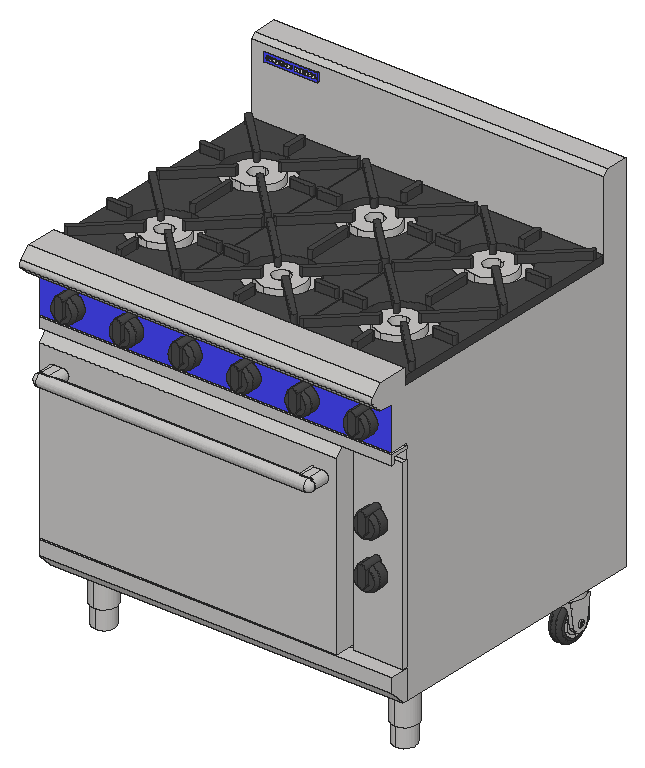
Revit family "QF_MOFFAT_BLUESEAL_CE_GE506D", category Specialty Equipment, Revit 2012 (continued)
Lines and regions (mm)
  symbolic lines
    curve 67: arc (450, -259.5, 150) -> (428, -237.5, 150) -> (450, -215.5, 150) r 22
    curve 68: arc (450, -215.5, 150) -> (472, -237.5, 150) -> (450, -259.5, 150) r 22
    curve 69: line (449.988, -331.778, 0) -> (449.988, -448.358, 0)
    curve 70: line (450.034, -681.268, 0) -> (450.034, -628.558, 0)
    curve 71: line (309.26, -537.634, 0) -> (359.26, -537.634, 0)
    curve 72: line (478.593, -512.407, 0) -> (591.73, -399.27, 0)
    curve 73: line (591.767, -537.634, 0) -> (540.041, -537.634, 0)
    curve 74: line (421.407, -512.407, 0) -> (308.27, -399.27, 0)
    curve 75: line (478.593, -562.593, 0) -> (591.73, -675.73, 0)
    curve 76: line (421.407, -562.593, 0) -> (308.27, -675.73, 0)
    curve 77: line (450.034, -96.281, 0) -> (450.034, -149.16, 0)
    curve 78: line (478.593, -269.593, 0) -> (591.73, -382.73, 0)
    curve 79: line (421.407, -269.593, 0) -> (308.27, -382.73, 0)
    curve 80: line (309.26, -241, 0) -> (359.26, -241, 0)
    curve 81: line (591.767, -241, 0) -> (540.041, -241, 0)
    curve 82: line (478.593, -205.407, 0) -> (591.73, -92.27, 0)
    curve 83: line (421.407, -205.407, 0) -> (308.27, -92.27, 0)
    curve 84: line (752.512, -331.778, 0) -> (752.512, -448.358, 0)
    curve 85: line (752.466, -681.268, 0) -> (752.466, -628.558, 0)
    curve 86: line (893.24, -537.634, 0) -> (843.24, -537.634, 0)
    curve 87: line (723.907, -512.407, 0) -> (610.77, -399.27, 0)
    curve 88: line (610.733, -537.634, 0) -> (662.459, -537.634, 0)
    curve 89: line (781.093, -512.407, 0) -> (894.23, -399.27, 0)
    curve 90: line (723.907, -562.593, 0) -> (610.77, -675.73, 0)
    curve 91: line (781.093, -562.593, 0) -> (894.23, -675.73, 0)
    curve 92: line (752.466, -96.281, 0) -> (752.466, -149.16, 0)
    curve 93: line (723.907, -269.593, 0) -> (610.77, -382.73, 0)
    curve 94: line (781.093, -269.593, 0) -> (894.23, -382.73, 0)
    curve 95: line (893.24, -241, 0) -> (843.24, -241, 0)
    curve 96: line (610.733, -241, 0) -> (662.459, -241, 0)
    curve 97: line (723.907, -205.407, 0) -> (610.77, -92.27, 0)
    curve 98: line (781.093, -205.407, 0) -> (894.23, -92.27, 0)
    curve 99: line (32.794, -18.385, 0) -> (260.753, -18.385, 0)
    curve 100: arc (260.753, -18.385, 0) -> (265.753, -19.725, 0) -> (269.413, -23.385, 0) r 10
    curve 101: line (269.413, -23.385, 0) -> (273.455, -30.385, 0)
    curve 102: arc (273.455, -30.385, 0) -> (273.455, -40.385, 0) -> (264.794, -45.385, 0) r 10
    curve 103: line (264.794, -45.385, 0) -> (36.836, -45.385, 0)
    curve 104: arc (36.836, -45.385, 0) -> (31.836, -44.045, 0) -> (28.176, -40.385, 0) r 10
    curve 105: line (28.176, -40.385, 0) -> (24.134, -33.385, 0)
    curve 106: arc (24.134, -33.385, 0) -> (24.134, -23.385, 0) -> (32.794, -18.385, 0) r 10
    curve 107: line (560.753, -18.385, 0) -> (332.794, -18.385, 0)
    curve 108: arc (332.794, -18.385, 0) -> (324.134, -23.385, 0) -> (324.134, -33.385, 0) r 10
    curve 109: line (324.134, -33.385, 0) -> (328.176, -40.385, 0)
    curve 110: arc (328.176, -40.385, 0) -> (331.836, -44.045, 0) -> (336.836, -45.385, 0) r 10
    curve 111: line (336.836, -45.385, 0) -> (564.794, -45.385, 0)
    curve 112: arc (564.794, -45.385, 0) -> (573.455, -40.385, 0) -> (573.455, -30.385, 0) r 10
    curve 113: line (573.455, -30.385, 0) -> (569.413, -23.385, 0)
    curve 114: arc (569.413, -23.385, 0) -> (565.753, -19.725, 0) -> (560.753, -18.385, 0) r 10
    curve 115: line (632.794, -18.385, 0) -> (860.753, -18.385, 0)
    curve 116: arc (860.753, -18.385, 0) -> (865.753, -19.725, 0) -> (869.413, -23.385, 0) r 10
    curve 117: line (869.413, -23.385, 0) -> (873.455, -30.385, 0)
    curve 118: arc (873.455, -30.385, 0) -> (873.455, -40.385, 0) -> (864.794, -45.385, 0) r 10
    curve 119: line (864.794, -45.385, 0) -> (636.836, -45.385, 0)
    curve 120: arc (636.836, -45.385, 0) -> (631.836, -44.045, 0) -> (628.176, -40.385, 0) r 10
    curve 121: line (628.176, -40.385, 0) -> (624.134, -33.385, 0)
    curve 122: arc (624.134, -33.385, 0) -> (624.134, -23.385, 0) -> (632.794, -18.385, 0) r 10
    curve 123: line (0, -783.97, 0) -> (900, -783.97, 0)
    curve 124: line (0, -57.5, 0) -> (900, -57.5, 0)
  symbolic lines, style "QF_Door-Drawer Clearances", visible <- "Show Clearance"
    curve 12: line (0, -1218.847, 0) -> (0, -812, 0)
    curve 13: line (0, -1218.847, 0) -> (760, -1218.847, 0)
    curve 14: line (760, -1218.847, 0) -> (760, -812, 0)
Dimensions and locks
  equal spacing: plane 3 "LEFT", plane 7 "Center Y", plane 4 "RIGHT"
  "Width": plane 3 "LEFT" to plane 4 "RIGHT"
  equal spacing: plane 5 "FRONT", plane 8 "Center X", plane 1 "BACK"
  plane 5 "FRONT" to plane 1 "BACK" = 812 mm  (x2)
  equal spacing: plane 4 "RIGHT", plane 7 "Center Y", plane 3 "LEFT"
  plane 4 "RIGHT" to plane 3 "LEFT" = 900 mm
  "Height": plane 6 "TOP" to level
  plane 10 to plane 1 "BACK" = 574.272 mm
  plane 12 to plane 1 "BACK" = 304.972 mm  (x2)
  plane 11 to plane 3 "LEFT" = 60 mm
  plane 14 to plane 3 "LEFT" = 74 mm
  plane 9 to plane 3 "LEFT" = 280 mm
  "Depth": plane 1 "BACK" to plane 15
  plane 15 to plane 5 "FRONT" = 0 mm
  plane 6 "TOP" to plane 2 = 970 mm
  plane 2 to Extrusion 1 sketch curve = 875 mm
  locked: plane 2 to Extrusion 1 sketch curve at 915
  Revolve 30 sketch curve to Revolve 30 sketch curve = 50.8 mm
  Revolve 34 sketch curve to Revolve 34 sketch curve = 50.8 mm
  plane 20 to level = 1085 mm
  Extrusion 35 sketch curve to plane 22 = 64.8 mm
  plane 23 to Extrusion 38 sketch curve = 67.217 mm
  plane 24 to Extrusion 39 sketch curve = 65.8 mm
  Extrusion 40 sketch curve to plane 1 "BACK" = 501 mm
  Extrusion 40 sketch curve to plane 4 "RIGHT" = 74 mm
  aligned and locked: level to plane 2
  aligned and locked: curve 3 to plane 4 "RIGHT"
Automatic sketch dimensions
  plane 1 "BACK" to curve 1 = 0 mm
  curve 1 to plane 3 "LEFT" = 0 mm
  plane 5 "FRONT" to curve 9 = 0 mm
  plane 21 to curve 6 = 0 mm
  plane 3 "LEFT" to curve 29 = 8.27 mm
  plane 3 "LEFT" to curve 31 = 8.27 mm
  plane 3 "LEFT" to curve 44 = 8.27 mm
  plane 3 "LEFT" to curve 34 = 8.27 mm
  plane 3 "LEFT" to curve 20 = 9.26 mm
  plane 3 "LEFT" to curve 35 = 9.26 mm
  plane 3 "LEFT" to curve 9 = 22.65 mm
  curve 106 to plane 17 = 1.385 mm
  plane 3 "LEFT" to curve 106 = 24.134 mm
  curve 105 to plane 17 = 8.385 mm
  curve 105 to curve 105 = 4.041 mm
  plane 17 to curve 106 = 13.615 mm
  curve 106 to curve 106 = 8.66 mm
  curve 105 to curve 103 = 8.66 mm
  curve 10 to plane 11 = 11.111 mm
  curve 9 to plane 11 = 9.192 mm
  curve 20 to plane 11 = 0.74 mm
  curve 35 to plane 11 = 0.74 mm
  plane 14 to curve 44 = 47.407 mm
  plane 10 to curve 31 = 11.679 mm
  plane 14 to curve 31 = 47.407 mm
  plane 14 to curve 29 = 47.407 mm
  plane 14 to curve 34 = 47.407 mm
  curve 18 to plane 12 = 26.806 mm
  curve 34 to curve 18 = 28.581 mm
  curve 44 to curve 32 = 28.628 mm
  curve 31 to curve 19 = 28.628 mm
  curve 44 to curve 43 = 57.187 mm
  plane 10 to curve 30 = 11.679 mm
  curve 31 to curve 30 = 57.187 mm
  plane 12 to curve 33 = 35.379 mm
  curve 34 to curve 33 = 57.187 mm
  curve 21 to curve 30 = 0 mm
  curve 22 to plane 9 = 39.959 mm
  curve 36 to plane 9 = 39.959 mm
  curve 100 to plane 9 = 19.247 mm
  curve 102 to plane 9 = 15.206 mm
  plane 17 to curve 101 = 8.615 mm
  curve 100 to curve 101 = 8.66 mm
  plane 17 to curve 101 = 1.615 mm
  curve 101 to plane 9 = 6.545 mm
  plane 9 to curve 43 = 11.73 mm
  plane 9 to curve 33 = 11.73 mm
  plane 9 to curve 21 = 11.73 mm
  plane 9 to curve 30 = 11.73 mm
  plane 9 to curve 22 = 11.767 mm
  plane 9 to curve 36 = 11.767 mm
  plane 9 to curve 15 = 20 mm
  plane 19 to curve 83 = 7.73 mm
  curve 43 to curve 83 = 16.539 mm
  curve 33 to curve 79 = 16.539 mm
  curve 30 to curve 76 = 16.539 mm
  plane 8 "Center X" to curve 74 = 6.73 mm
  curve 21 to curve 74 = 16.539 mm
  curve 36 to curve 80 = 17.493 mm
  curve 22 to curve 71 = 17.493 mm
  curve 109 to plane 17 = 1.385 mm
  plane 9 to curve 109 = 44.134 mm
  curve 109 to curve 110 = 4.041 mm
  curve 108 to curve 107 = 8.66 mm
  curve 109 to curve 111 = 8.66 mm
  curve 71 to curve 71 = 50 mm
  curve 80 to curve 80 = 50 mm
  curve 74 to plane 7 "Center Y" = 28.593 mm
  plane 10 to curve 76 = 11.679 mm
  curve 76 to plane 7 "Center Y" = 28.593 mm
  curve 83 to plane 7 "Center Y" = 28.593 mm
  curve 79 to plane 7 "Center Y" = 28.593 mm
  curve 69 to plane 7 "Center Y" = 0.012 mm
  plane 7 "Center Y" to curve 70 = 0.034 mm
  plane 7 "Center Y" to curve 77 = 0.034 mm
  plane 7 "Center Y" to curve 72 = 28.593 mm
  plane 7 "Center Y" to curve 82 = 28.593 mm
  plane 10 to curve 75 = 11.679 mm
  plane 7 "Center Y" to curve 75 = 28.593 mm
  plane 7 "Center Y" to curve 78 = 28.593 mm
  curve 78 to curve 81 = 61.447 mm
  curve 75 to curve 73 = 61.447 mm
  plane 17 to curve 114 = 3.615 mm
  plane 7 "Center Y" to curve 114 = 110.753 mm
  curve 112 to plane 17 = 3.385 mm
  curve 114 to curve 112 = 4.041 mm
  plane 17 to curve 113 = 8.615 mm
  curve 107 to curve 113 = 8.66 mm
  plane 17 to curve 113 = 1.615 mm
  curve 113 to curve 113 = 4.041 mm
  plane 19 to curve 82 = 7.73 mm
  curve 112 to curve 82 = 26.936 mm
  plane 8 "Center X" to curve 72 = 6.73 mm
  plane 7 "Center Y" to curve 72 = 141.73 mm
  curve 75 to plane 21 = 29.27 mm
  plane 7 "Center Y" to curve 75 = 141.73 mm
  curve 78 to plane 13 = 17.758 mm
  curve 78 to curve 72 = 0 mm
  curve 81 to curve 81 = 51.727 mm
  curve 73 to curve 73 = 51.727 mm
  curve 82 to curve 16 = 9.686 mm
  curve 73 to curve 88 = 18.965 mm
  curve 81 to curve 96 = 18.965 mm
  plane 8 "Center X" to curve 87 = 6.73 mm
  curve 72 to curve 87 = 19.039 mm
  curve 90 to plane 21 = 29.27 mm
  curve 75 to curve 90 = 19.039 mm
  plane 19 to curve 97 = 7.73 mm
  curve 82 to curve 97 = 19.039 mm
  curve 93 to plane 13 = 17.758 mm
  curve 93 to curve 87 = 0 mm
  curve 121 to plane 17 = 1.385 mm
  curve 16 to curve 121 = 22.717 mm
  curve 121 to curve 120 = 4.041 mm
  plane 17 to curve 122 = 13.615 mm
  curve 122 to curve 122 = 8.66 mm
  curve 120 to curve 120 = 8.66 mm
  curve 96 to curve 96 = 51.727 mm
  curve 88 to curve 88 = 51.727 mm
  plane 5 "FRONT" to curve 11 = 14.544 mm
  curve 11 to plane 16 = 112.642 mm
  curve 88 to curve 87 = 61.447 mm
  plane 12 to curve 93 = 35.379 mm
  curve 96 to curve 93 = 61.447 mm
  curve 97 to curve 93 = 0 mm
  plane 10 to curve 90 = 11.679 mm
  curve 90 to curve 87 = 0 mm
  curve 11 to curve 11 = 25.191 mm
  plane 19 to curve 92 = 3.719 mm
  curve 92 to plane 16 = 82.034 mm
  curve 85 to plane 21 = 23.732 mm
  curve 85 to plane 16 = 82.034 mm
  curve 84 to plane 12 = 26.806 mm
  curve 93 to curve 84 = 28.605 mm
  curve 14 to plane 16 = 74.5 mm
  plane 10 to curve 91 = 11.679 mm
  curve 91 to plane 16 = 53.407 mm
  curve 94 to plane 16 = 53.407 mm
  curve 98 to plane 16 = 53.407 mm
  curve 89 to curve 91 = 0 mm
  plane 16 to curve 86 = 8.74 mm
  plane 16 to curve 95 = 8.74 mm
  plane 16 to curve 116 = 26.253 mm
  curve 118 to plane 17 = 3.385 mm
  curve 116 to curve 118 = 4.041 mm
  plane 17 to curve 116 = 8.615 mm
  curve 116 to curve 116 = 8.66 mm
  plane 17 to curve 117 = 1.615 mm
  curve 116 to curve 117 = 4.041 mm
  plane 4 "RIGHT" to curve 95 = 6.76 mm
  plane 4 "RIGHT" to curve 86 = 6.76 mm
  plane 4 "RIGHT" to curve 89 = 5.77 mm
  plane 4 "RIGHT" to curve 94 = 5.77 mm
  plane 4 "RIGHT" to curve 98 = 5.77 mm
  plane 4 "RIGHT" to curve 91 = 5.77 mm
  curve 13 to curve 10 = 392.303 mm
  curve 123 to plane 5 "FRONT" = 28.03 mm
  curve 15 to plane 21 = 3.3 mm
  curve 70 to plane 21 = 23.732 mm
  curve 19 to plane 21 = 23.732 mm
  curve 15 to curve 30 = 25.97 mm
  curve 7 to curve 31 = 25.97 mm
  curve 30 to curve 76 = 0 mm
  curve 7 to curve 91 = 25.97 mm
  curve 70 to curve 70 = 52.71 mm
  curve 19 to curve 19 = 52.71 mm
  curve 85 to curve 85 = 52.71 mm
  plane 10 to curve 22 = 36.638 mm
  curve 22 to curve 71 = 0 mm
  plane 10 to curve 86 = 36.638 mm
  plane 10 to curve 20 = 36.638 mm
  plane 10 to curve 88 = 36.638 mm
  curve 73 to curve 88 = 0 mm
  curve 75 to curve 72 = 50.187 mm
  curve 30 to curve 21 = 50.187 mm
  curve 31 to curve 29 = 50.187 mm
  curve 90 to curve 87 = 50.187 mm
  curve 76 to curve 74 = 50.187 mm
  curve 91 to curve 89 = 50.187 mm
  curve 18 to plane 8 "Center X" = 42.358 mm
  curve 84 to plane 8 "Center X" = 42.358 mm
  curve 69 to plane 8 "Center X" = 42.358 mm
  plane 8 "Center X" to curve 21 = 6.73 mm
  plane 8 "Center X" to curve 29 = 6.73 mm
  plane 8 "Center X" to curve 89 = 6.73 mm
  curve 29 to curve 17 = 8.27 mm
  curve 21 to curve 33 = 16.539 mm
  curve 33 to curve 79 = 0 mm
  curve 17 to curve 94 = 8.27 mm
  curve 17 to curve 34 = 8.27 mm
  curve 69 to plane 12 = 26.806 mm
  plane 12 to curve 78 = 35.379 mm
  plane 12 to curve 34 = 35.379 mm
  plane 12 to curve 79 = 35.379 mm
  plane 12 to curve 94 = 35.379 mm
  plane 12 to curve 80 = 63.972 mm
  plane 12 to curve 81 = 63.972 mm
  curve 81 to curve 96 = 0 mm
  plane 12 to curve 95 = 63.972 mm
  plane 12 to curve 35 = 63.972 mm
  curve 36 to curve 80 = 0 mm
  curve 79 to curve 83 = 64.187 mm
  curve 94 to curve 98 = 64.187 mm
  curve 83 to curve 82 = 0 mm
  curve 97 to curve 98 = 0 mm
  curve 33 to curve 43 = 64.187 mm
  curve 44 to curve 43 = 0 mm
  curve 92 to plane 19 = 49.16 mm
  curve 32 to plane 19 = 49.16 mm
  curve 77 to plane 19 = 49.16 mm
  plane 19 to curve 32 = 3.719 mm
  plane 19 to curve 77 = 3.719 mm
  plane 19 to curve 44 = 7.73 mm
  plane 19 to curve 43 = 7.73 mm
  plane 19 to curve 98 = 7.73 mm
  curve 97 to curve 16 = 19.536 mm
  curve 8 to curve 4 = 2.734 mm
  curve 4 to curve 124 = 12.5 mm
  curve 104 to curve 105 = 5 mm
  curve 120 to curve 121 = 7 mm
  curve 109 to curve 109 = 7 mm
  Extrusion 1 sketch curve to plane 21 = 0 mm
  Extrusion 1 sketch curve to plane 20 = 0 mm
  Extrusion 1 sketch curve to plane 1 "BACK" = 0 mm
  plane 21 to Extrusion 1 sketch curve = 44 mm
  Extrusion 1 sketch curve to plane 5 "FRONT" = 28.03 mm
  Extrusion 1 sketch curve to plane 5 "FRONT" = 27.03 mm
  Extrusion 1 sketch curve to plane 5 "FRONT" = 12.018 mm
  Extrusion 1 sketch curve to plane 5 "FRONT" = 3.524 mm  (x2)
  Extrusion 1 sketch curve to plane 21 = 6 mm
  Extrusion 1 sketch curve to plane 20 = 12.5 mm
  plane 19 to Extrusion 1 sketch curve = 30 mm
  Extrusion 1 sketch curve to Extrusion 1 sketch curve = 12.5 mm
  Extrusion 1 sketch curve to Extrusion 1 sketch curve = 41.494 mm
  Extrusion 1 sketch curve to Extrusion 1 sketch curve = 25 mm
  plane 18 to Extrusion 1 sketch curve = 85 mm
  level to Extrusion 1 sketch curve = 150 mm
  Extrusion 1 sketch curve to Extrusion 1 sketch curve = 8.494 mm
  plane 21 to Extrusion 2 sketch curve = 44 mm
  plane 21 to Extrusion 2 sketch curve = 20 mm
  Extrusion 2 sketch curve to plane 21 = 6 mm
  level to Extrusion 2 sketch curve = 227.5 mm
  plane 18 to Extrusion 2 sketch curve = 21 mm
  plane 18 to Extrusion 2 sketch curve = 45 mm
  plane 21 to Extrusion 3 sketch curve = 9 mm
  Extrusion 3 sketch curve to plane 21 = 6 mm
  level to Extrusion 3 sketch curve = 227.5 mm
  plane 18 to Extrusion 3 sketch curve = 45 mm
  Revolve 4 sketch curve to level = 0 mm
  Revolve 4 sketch curve to plane 21 = 48.25 mm
  Revolve 4 sketch curve to Revolve 4 sketch curve = 4.25 mm
  Revolve 4 sketch curve to Revolve 4 sketch curve = 27.5 mm  (x2)
  level to Revolve 4 sketch curve = 50 mm
  Revolve 4 sketch curve to Revolve 4 sketch curve = 0 mm
  Revolve 4 sketch curve to Revolve 4 sketch curve = 100 mm
  Revolve 4 sketch curve to Revolve 4 sketch curve = 55 mm
  Revolve 5 sketch curve to level = 0 mm
  Revolve 5 sketch curve to plane 21 = 48.25 mm
  Revolve 5 sketch curve to Revolve 5 sketch curve = 4.25 mm
  Revolve 5 sketch curve to Revolve 5 sketch curve = 27.5 mm  (x2)
  Revolve 5 sketch curve to level = 55 mm
  Revolve 5 sketch curve to Revolve 5 sketch curve = 50 mm
  Revolve 5 sketch curve to Revolve 5 sketch curve = 0 mm
  Revolve 5 sketch curve to Revolve 5 sketch curve = 100 mm
  Extrusion 6 sketch curve to plane 17 = 0 mm
  Extrusion 6 sketch curve to plane 16 = 64.5 mm
  Revolve 7 sketch curve to plane 5 "FRONT" = 19 mm
  Revolve 7 sketch curve to Revolve 7 sketch curve = 0 mm  (x2)
  Revolve 7 sketch curve to Revolve 7 sketch curve = 11 mm
  Revolve 7 sketch curve to Revolve 7 sketch curve = 12.7 mm
  Revolve 7 sketch curve to Revolve 7 sketch curve = 23 mm
  Revolve 7 sketch curve to Revolve 7 sketch curve = 10 mm
  plane 18 to Revolve 7 sketch curve = 141.882 mm
  Revolve 7 sketch curve to Revolve 7 sketch curve = 5 mm
  Revolve 7 sketch curve to Revolve 7 sketch curve = 26.651 mm
  Revolve 7 sketch curve to Revolve 7 sketch curve = 5.849 mm
  Revolve 8 sketch curve to plane 5 "FRONT" = 19 mm
  Revolve 8 sketch curve to Revolve 8 sketch curve = 0 mm  (x2)
  Revolve 8 sketch curve to Revolve 8 sketch curve = 11 mm
  Revolve 8 sketch curve to Revolve 8 sketch curve = 12.7 mm
  Revolve 8 sketch curve to Revolve 8 sketch curve = 23 mm
  Revolve 8 sketch curve to Revolve 8 sketch curve = 10 mm
  plane 18 to Revolve 8 sketch curve = 141.882 mm
  Revolve 8 sketch curve to Revolve 8 sketch curve = 5 mm
  Revolve 8 sketch curve to Revolve 8 sketch curve = 26.651 mm
  Revolve 8 sketch curve to Revolve 8 sketch curve = 5.849 mm
  Revolve 9 sketch curve to plane 5 "FRONT" = 19 mm
  Revolve 9 sketch curve to Revolve 9 sketch curve = 0 mm  (x2)
  Revolve 9 sketch curve to Revolve 9 sketch curve = 11 mm
  Revolve 9 sketch curve to Revolve 9 sketch curve = 12.7 mm
  Revolve 9 sketch curve to Revolve 9 sketch curve = 23 mm
  Revolve 9 sketch curve to Revolve 9 sketch curve = 10 mm
  Revolve 9 sketch curve to plane 6 "TOP" = 140.618 mm
  Revolve 9 sketch curve to Revolve 9 sketch curve = 5.849 mm
  Revolve 9 sketch curve to Revolve 9 sketch curve = 27.5 mm
  Revolve 9 sketch curve to Revolve 9 sketch curve = 5 mm
  Revolve 10 sketch curve to plane 5 "FRONT" = 19 mm
  Revolve 10 sketch curve to Revolve 10 sketch curve = 0 mm  (x2)
  Revolve 10 sketch curve to Revolve 10 sketch curve = 11 mm
  Revolve 10 sketch curve to Revolve 10 sketch curve = 12.7 mm
  Revolve 10 sketch curve to Revolve 10 sketch curve = 23 mm
  Revolve 10 sketch curve to Revolve 10 sketch curve = 10 mm
  Revolve 10 sketch curve to plane 6 "TOP" = 140.618 mm
  Revolve 10 sketch curve to Revolve 10 sketch curve = 5.849 mm
  Revolve 10 sketch curve to Revolve 10 sketch curve = 27.5 mm
  Revolve 10 sketch curve to Revolve 10 sketch curve = 5 mm
  Revolve 11 sketch curve to plane 5 "FRONT" = 19 mm
  Revolve 11 sketch curve to Revolve 11 sketch curve = 0 mm  (x2)
  Revolve 11 sketch curve to Revolve 11 sketch curve = 11 mm
  Revolve 11 sketch curve to Revolve 11 sketch curve = 12.7 mm
  Revolve 11 sketch curve to Revolve 11 sketch curve = 23 mm
  Revolve 11 sketch curve to Revolve 11 sketch curve = 10 mm
  Revolve 11 sketch curve to plane 6 "TOP" = 140.618 mm
  Revolve 11 sketch curve to Revolve 11 sketch curve = 5.849 mm
  Revolve 11 sketch curve to Revolve 11 sketch curve = 27.5 mm
  Revolve 11 sketch curve to Revolve 11 sketch curve = 5 mm
  plane 14 to Extrusion 12 sketch curve = 26.156 mm
  Extrusion 12 sketch curve to Extrusion 12 sketch curve = 10 mm
  Extrusion 12 sketch curve to plane 6 "TOP" = 146.118 mm
  Extrusion 12 sketch curve to Extrusion 12 sketch curve = 35 mm
  Extrusion 13 sketch curve to plane 9 = 29.844 mm
  Extrusion 13 sketch curve to Extrusion 13 sketch curve = 10 mm
  Extrusion 13 sketch curve to plane 6 "TOP" = 146.118 mm
  Extrusion 13 sketch curve to Extrusion 13 sketch curve = 35 mm
  Extrusion 14 sketch curve to plane 16 = 4.656 mm
  plane 16 to Extrusion 14 sketch curve = 5.344 mm
  plane 18 to Extrusion 14 sketch curve = 133.882 mm
  Extrusion 14 sketch curve to Extrusion 14 sketch curve = 35 mm
  Extrusion 15 sketch curve to plane 16 = 154.656 mm
  Extrusion 15 sketch curve to Extrusion 15 sketch curve = 10 mm
  plane 18 to Extrusion 15 sketch curve = 133.882 mm
  Extrusion 15 sketch curve to Extrusion 15 sketch curve = 35 mm
  Extrusion 16 sketch curve to plane 7 "Center Y" = 49.868 mm
  Extrusion 16 sketch curve to Extrusion 16 sketch curve = 10 mm
  Extrusion 16 sketch curve to plane 6 "TOP" = 146.118 mm
  Extrusion 16 sketch curve to Extrusion 16 sketch curve = 35 mm
  plane 7 "Center Y" to Extrusion 17 sketch curve = 100.132 mm
  Extrusion 17 sketch curve to Extrusion 17 sketch curve = 10 mm
  Extrusion 17 sketch curve to plane 6 "TOP" = 146.118 mm
  Extrusion 17 sketch curve to Extrusion 17 sketch curve = 35 mm
  plane 21 to Revolve 18 sketch curve = 53 mm
  Revolve 18 sketch curve to Revolve 18 sketch curve = 0 mm  (x2)
  Revolve 18 sketch curve to Revolve 18 sketch curve = 11 mm
  Revolve 18 sketch curve to Revolve 18 sketch curve = 12.7 mm
  plane 21 to Revolve 18 sketch curve = 19 mm
  plane 21 to Revolve 18 sketch curve = 9 mm
  Revolve 18 sketch curve to plane 18 = 103.743 mm
  Revolve 18 sketch curve to Revolve 18 sketch curve = 5 mm
  Revolve 18 sketch curve to Revolve 18 sketch curve = 26.651 mm
  Revolve 18 sketch curve to Revolve 18 sketch curve = 5.849 mm
  Extrusion 19 sketch curve to plane 16 = 7.156 mm
  plane 16 to Extrusion 19 sketch curve = 2.844 mm
  Extrusion 19 sketch curve to plane 18 = 111.743 mm
  Extrusion 19 sketch curve to Extrusion 19 sketch curve = 35 mm
  plane 21 to Extrusion 20 sketch curve = 44 mm
  level to Extrusion 20 sketch curve = 227.5 mm
  plane 5 "FRONT" to Extrusion 20 sketch curve = 406.847 mm
  plane 1 "BACK" to Extrusion 21 sketch curve = 0 mm
  Extrusion 21 sketch curve to plane 17 = 7 mm
  Extrusion 21 sketch curve to plane 16 = 140.5 mm
  plane 19 to Extrusion 21 sketch curve = 13 mm
  Extrusion 21 sketch curve to Extrusion 21 sketch curve = 50 mm
  Extrusion 21 sketch curve to plane 16 = 10.5 mm
  Revolve 22 sketch curve to plane 5 "FRONT" = 19 mm
  Revolve 22 sketch curve to Revolve 22 sketch curve = 0 mm  (x2)
  Revolve 22 sketch curve to Revolve 22 sketch curve = 11 mm
  Revolve 22 sketch curve to Revolve 22 sketch curve = 12.7 mm
  Revolve 22 sketch curve to Revolve 22 sketch curve = 23 mm
  Revolve 22 sketch curve to Revolve 22 sketch curve = 10 mm
  Revolve 22 sketch curve to plane 6 "TOP" = 140.618 mm
  Revolve 22 sketch curve to Revolve 22 sketch curve = 5.849 mm
  Revolve 22 sketch curve to Revolve 22 sketch curve = 27.5 mm
  Revolve 22 sketch curve to Revolve 22 sketch curve = 5 mm
  Extrusion 23 sketch curve to plane 11 = 1.472 mm
  Extrusion 23 sketch curve to plane 18 = 46.875 mm  (x2)
  Extrusion 23 sketch curve to Extrusion 23 sketch curve = 15 mm  (x2)
  Extrusion 23 sketch curve to plane 16 = 131.743 mm
  Extrusion 23 sketch curve to Extrusion 23 sketch curve = 20.282 mm  (x2)
  Revolve 24 sketch curve to plane 3 "LEFT" = 6.961 mm
  plane 3 "LEFT" to Revolve 24 sketch curve = 23.246 mm
  Revolve 24 sketch curve to plane 18 = 16.875 mm
  Revolve 24 sketch curve to Revolve 24 sketch curve = 15 mm
  Revolve 24 sketch curve to plane 18 = 31.875 mm
  plane 7 "Center Y" to Revolve 24 sketch curve = 138.039 mm
  Revolve 24 sketch curve to plane 16 = 111.461 mm
  plane 21 to Extrusion 25 sketch curve = 44 mm
  Extrusion 25 sketch curve to Extrusion 25 sketch curve = 6.387 mm
  Extrusion 25 sketch curve to Extrusion 25 sketch curve = 8.776 mm
  Extrusion 25 sketch curve to plane 21 = 4.07 mm
  plane 18 to Extrusion 25 sketch curve = 55 mm
  Extrusion 25 sketch curve to Extrusion 25 sketch curve = 16.999 mm
  Extrusion 25 sketch curve to Extrusion 25 sketch curve = 7.004 mm
  plane 21 to Extrusion 26 sketch curve = 44 mm
  plane 21 to Extrusion 26 sketch curve = 8 mm
  Extrusion 26 sketch curve to plane 21 = 6 mm
  level to Extrusion 26 sketch curve = 150 mm
  Extrusion 26 sketch curve to Extrusion 26 sketch curve = 36 mm
  Extrusion 26 sketch curve to Extrusion 26 sketch curve = 36.5 mm
  Extrusion 27 sketch curve to plane 19 = 0 mm
  Extrusion 27 sketch curve to plane 19 = 19.393 mm
  Extrusion 27 sketch curve to plane 19 = 31.75 mm
  plane 19 to Extrusion 27 sketch curve = 19.393 mm
  plane 19 to Extrusion 27 sketch curve = 31.75 mm
  level to Extrusion 27 sketch curve = 45.111 mm
  Extrusion 27 sketch curve to Extrusion 27 sketch curve = 4.889 mm
  Extrusion 27 sketch curve to Extrusion 27 sketch curve = 64.889 mm
  Revolve 28 sketch curve to plane 19 = 0 mm  (x2)
  Revolve 28 sketch curve to plane 19 = 35.75 mm
  Revolve 28 sketch curve to level = 55 mm
  level to Revolve 28 sketch curve = 50 mm
  Revolve 28 sketch curve to Revolve 28 sketch curve = 60 mm
  Revolve 28 sketch curve to Revolve 28 sketch curve = 40 mm
  Revolve 29 sketch curve to plane 19 = 0 mm  (x2)
  Revolve 29 sketch curve to plane 19 = 35.75 mm
  level to Revolve 29 sketch curve = 150 mm
  Revolve 29 sketch curve to Revolve 29 sketch curve = 40 mm
  level to Revolve 29 sketch curve = 50 mm
  Revolve 29 sketch curve to level = 55 mm
  Revolve 30 sketch curve to plane 16 = 34.382 mm
  Revolve 30 sketch curve to Revolve 30 sketch curve = 1.27 mm  (x4)
  Revolve 30 sketch curve to Revolve 30 sketch curve = 1.524 mm  (x2)
  Revolve 30 sketch curve to Revolve 30 sketch curve = 12.146 mm  (x2)
  Revolve 30 sketch curve to plane 16 = 16.68 mm
  Revolve 30 sketch curve to Revolve 30 sketch curve = 0.794 mm  (x2)
  Revolve 30 sketch curve to Revolve 30 sketch curve = 3.57 mm
  Revolve 30 sketch curve to Revolve 30 sketch curve = 2.143 mm
  Revolve 30 sketch curve to plane 16 = 6.361 mm
  plane 16 to Revolve 30 sketch curve = 5.13 mm
  plane 16 to Revolve 30 sketch curve = 6.339 mm
  plane 16 to Revolve 30 sketch curve = 14.515 mm
  Revolve 30 sketch curve to Revolve 30 sketch curve = 1.349 mm  (x2)
  Revolve 30 sketch curve to Revolve 30 sketch curve = 3.556 mm
  Revolve 30 sketch curve to plane 4 "RIGHT" = 2.18 mm
  level to Revolve 30 sketch curve = 50.8 mm
  Revolve 30 sketch curve to Revolve 30 sketch curve = 0 mm
  Revolve 30 sketch curve to Revolve 30 sketch curve = 3.505 mm  (x2)
  Revolve 30 sketch curve to Revolve 30 sketch curve = 3.447 mm  (x2)
  Revolve 30 sketch curve to Revolve 30 sketch curve = 9.964 mm
  Revolve 30 sketch curve to Revolve 30 sketch curve = 10.045 mm
  Revolve 30 sketch curve to Revolve 30 sketch curve = 2.053 mm
  Revolve 30 sketch curve to Revolve 30 sketch curve = 2.061 mm
  Revolve 30 sketch curve to Revolve 30 sketch curve = 8.247 mm
  Revolve 30 sketch curve to Revolve 30 sketch curve = 8.336 mm
  Revolve 30 sketch curve to Revolve 30 sketch curve = 6.35 mm  (x2)
  Extrusion 31 sketch curve to plane 19 = 0 mm
  Extrusion 31 sketch curve to plane 19 = 19.393 mm
  Extrusion 31 sketch curve to plane 19 = 31.75 mm
  plane 19 to Extrusion 31 sketch curve = 19.393 mm
  plane 19 to Extrusion 31 sketch curve = 31.75 mm
  level to Extrusion 31 sketch curve = 45.111 mm
  Extrusion 31 sketch curve to Extrusion 31 sketch curve = 4.889 mm
  Extrusion 31 sketch curve to Extrusion 31 sketch curve = 64.889 mm
  Revolve 32 sketch curve to level = 0 mm
  Revolve 32 sketch curve to plane 19 = 0 mm  (x2)
  Revolve 32 sketch curve to Revolve 32 sketch curve = 27.5 mm
  Revolve 32 sketch curve to Revolve 32 sketch curve = 31.75 mm
  Revolve 32 sketch curve to level = 55 mm
  Revolve 32 sketch curve to Revolve 32 sketch curve = 50 mm
  Revolve 32 sketch curve to Revolve 32 sketch curve = 0 mm
  Revolve 32 sketch curve to Revolve 32 sketch curve = 100 mm
  Revolve 33 sketch curve to level = 0 mm
  Revolve 33 sketch curve to plane 19 = 0 mm  (x2)
  Revolve 33 sketch curve to Revolve 33 sketch curve = 27.5 mm
  Revolve 33 sketch curve to Revolve 33 sketch curve = 31.75 mm
  level to Revolve 33 sketch curve = 50 mm
  Revolve 33 sketch curve to Revolve 33 sketch curve = 0 mm
  Revolve 33 sketch curve to Revolve 33 sketch curve = 100 mm
  Revolve 33 sketch curve to Revolve 33 sketch curve = 55 mm
  plane 14 to Revolve 34 sketch curve = 25.382 mm
  Revolve 34 sketch curve to Revolve 34 sketch curve = 1.27 mm  (x4)
  Revolve 34 sketch curve to Revolve 34 sketch curve = 1.524 mm  (x2)
  plane 14 to Revolve 34 sketch curve = 10.442 mm
  plane 14 to Revolve 34 sketch curve = 7.68 mm
  Revolve 34 sketch curve to Revolve 34 sketch curve = 0.794 mm  (x2)
  Revolve 34 sketch curve to Revolve 34 sketch curve = 3.57 mm
  Revolve 34 sketch curve to Revolve 34 sketch curve = 2.143 mm
  Revolve 34 sketch curve to plane 14 = 2.639 mm
  Revolve 34 sketch curve to plane 11 = 0.13 mm
  Revolve 34 sketch curve to plane 11 = 1.339 mm
  Revolve 34 sketch curve to plane 11 = 9.515 mm
  Revolve 34 sketch curve to Revolve 34 sketch curve = 1.349 mm  (x2)
  Revolve 34 sketch curve to Revolve 34 sketch curve = 3.556 mm
  Revolve 34 sketch curve to Revolve 34 sketch curve = 12.146 mm
  Revolve 34 sketch curve to plane 3 "LEFT" = 2.68 mm
  level to Revolve 34 sketch curve = 101.6 mm
  Revolve 34 sketch curve to Revolve 34 sketch curve = 6.35 mm  (x4)
  Revolve 34 sketch curve to Revolve 34 sketch curve = 8.247 mm
  Revolve 34 sketch curve to Revolve 34 sketch curve = 8.336 mm
  Revolve 34 sketch curve to Revolve 34 sketch curve = 2.061 mm
  Revolve 34 sketch curve to Revolve 34 sketch curve = 2.053 mm
  Revolve 34 sketch curve to Revolve 34 sketch curve = 10.045 mm
  Revolve 34 sketch curve to Revolve 34 sketch curve = 9.964 mm
  Revolve 34 sketch curve to Revolve 34 sketch curve = 3.447 mm  (x2)
  Revolve 34 sketch curve to Revolve 34 sketch curve = 3.505 mm
  plane 21 to Extrusion 35 sketch curve = 0 mm
  Extrusion 35 sketch curve to plane 21 = 3 mm  (x2)
  plane 10 to Extrusion 35 sketch curve = 36.504 mm
  plane 12 to Extrusion 35 sketch curve = 67.472 mm
  plane 19 to Extrusion 35 sketch curve = 26 mm  (x2)
  Extrusion 35 sketch curve to Extrusion 35 sketch curve = 3 mm
  plane 14 to Extrusion 35 sketch curve = 76 mm  (x2)
  plane 9 to Extrusion 35 sketch curve = 17 mm
  Extrusion 36 sketch curve to Extrusion 35 = 19.102 mm  (x6)
  Extrusion 36 sketch curve to Extrusion 36 sketch curve = 4.525 mm  (x48)
  Extrusion 36 sketch curve to Extrusion 35 = 27.593 mm  (x3)
  Extrusion 36 sketch curve to Extrusion 36 sketch curve = 48.456 mm  (x13)
  Extrusion 36 sketch curve to Extrusion 36 sketch curve = 50.976 mm  (x3)
  Extrusion 36 sketch curve to Extrusion 36 sketch curve = 0 mm  (x19)
  Extrusion 35 to Extrusion 36 sketch curve = 9.908 mm  (x2)
  Extrusion 36 sketch curve to Extrusion 36 sketch curve = 27.39 mm  (x5)
  Extrusion 36 sketch curve to Extrusion 36 sketch curve = 6.4 mm  (x21)
  Extrusion 36 sketch curve to Extrusion 36 sketch curve = 20.658 mm  (x6)
  Extrusion 36 sketch curve to Extrusion 36 sketch curve = 55.923 mm  (x3)
  Extrusion 35 to Extrusion 36 sketch curve = 6.102 mm  (x3)
  Extrusion 36 sketch curve to Extrusion 36 sketch curve = 128.581 mm  (x4)
  Extrusion 36 sketch curve to Extrusion 35 = 6.102 mm  (x2)
  Extrusion 36 sketch curve to Extrusion 35 = 5.102 mm  (x3)
  Extrusion 36 sketch curve to Extrusion 35 = 14.153 mm
  Extrusion 36 sketch curve to Extrusion 36 sketch curve = 12.205 mm  (x6)
  Extrusion 36 sketch curve to Extrusion 35 = 15.153 mm  (x2)
  Extrusion 35 to Extrusion 36 sketch curve = 15.153 mm
  Extrusion 36 sketch curve to Extrusion 36 sketch curve = 112.454 mm  (x3)
  Extrusion 36 sketch curve to Extrusion 36 sketch curve = 59.673 mm  (x3)
  Extrusion 36 sketch curve to Extrusion 36 sketch curve = 17.024 mm  (x4)
  Extrusion 36 sketch curve to Extrusion 36 sketch curve = 46.847 mm  (x6)
  Extrusion 36 sketch curve to Extrusion 36 sketch curve = 62.169 mm  (x3)
  Extrusion 36 sketch curve to Extrusion 35 = 36.153 mm  (x4)
  Extrusion 36 sketch curve to Extrusion 35 = 23.4 mm  (x3)
  Extrusion 36 sketch curve to Extrusion 35 = 9.156 mm  (x2)
  Extrusion 36 sketch curve to Extrusion 36 sketch curve = 55.413 mm  (x7)
  Extrusion 36 sketch curve to Extrusion 36 sketch curve = 20.524 mm  (x9)
  Extrusion 36 sketch curve to Extrusion 36 sketch curve = 53.847 mm  (x12)
  Extrusion 36 sketch curve to Extrusion 35 = 58.364 mm
  Extrusion 36 sketch curve to Extrusion 36 sketch curve = 55.661 mm  (x6)
  Extrusion 36 sketch curve to Extrusion 35 = 9.908 mm  (x2)
  Extrusion 36 sketch curve to Extrusion 36 sketch curve = 128.447 mm  (x6)
  Extrusion 36 sketch curve to Extrusion 36 sketch curve = 15.038 mm  (x4)
  Extrusion 36 sketch curve to Extrusion 36 sketch curve = 23.146 mm  (x2)
  Extrusion 37 sketch curve to Extrusion 37 sketch curve = 0 mm  (x12)
  Extrusion 37 sketch curve to plane 7 "Center Y" = 0 mm  (x2)
  plane 12 to Extrusion 37 sketch curve = 67.472 mm  (x3)
  plane 10 to Extrusion 37 sketch curve = 36.772 mm  (x3)
  plane 14 to Extrusion 37 sketch curve = 76 mm  (x2)
  Extrusion 37 sketch curve to plane 16 = 84.5 mm  (x2)
  curve 23 to curve 24 = 0 mm  (x2)
  curve 23 to curve 27 = 0 mm  (x2)
  curve 23 to curve 28 = 0 mm  (x2)
  curve 24 to curve 27 = 0 mm  (x2)
  curve 24 to curve 28 = 0 mm  (x2)
  curve 25 to curve 26 = 0 mm  (x2)
  curve 27 to curve 28 = 0 mm  (x2)
  curve 37 to curve 38 = 0 mm  (x2)
  curve 37 to curve 39 = 0 mm  (x2)
  curve 37 to curve 40 = 0 mm  (x2)
  curve 37 to curve 41 = 0 mm  (x2)
  curve 37 to curve 42 = 0 mm  (x2)
  curve 38 to curve 39 = 0 mm  (x2)
  curve 38 to curve 40 = 0 mm  (x2)
  curve 38 to curve 41 = 0 mm  (x2)
  curve 38 to curve 42 = 0 mm  (x2)
  curve 39 to curve 40 = 0 mm  (x2)
  curve 39 to curve 41 = 0 mm  (x2)
  curve 39 to curve 42 = 0 mm  (x2)
  curve 40 to curve 41 = 0 mm  (x2)
  curve 40 to curve 42 = 0 mm  (x2)
  curve 41 to curve 42 = 0 mm  (x2)
  curve 45 to curve 46 = 0 mm  (x2)
  curve 45 to curve 47 = 0 mm  (x2)
  curve 45 to curve 48 = 0 mm  (x2)
  curve 46 to curve 47 = 0 mm  (x2)
  curve 46 to curve 48 = 0 mm  (x2)
  curve 47 to curve 48 = 0 mm  (x2)
  curve 49 to curve 50 = 0 mm  (x2)
  curve 49 to curve 51 = 0 mm  (x2)
  curve 49 to curve 52 = 0 mm  (x2)
  curve 50 to curve 51 = 0 mm  (x2)
  curve 50 to curve 52 = 0 mm  (x2)
  curve 51 to curve 52 = 0 mm  (x2)
  curve 53 to curve 54 = 0 mm  (x2)
  curve 55 to curve 56 = 0 mm  (x2)
  curve 55 to curve 57 = 0 mm  (x2)
  curve 55 to curve 58 = 0 mm  (x2)
  curve 55 to curve 59 = 0 mm  (x2)
  curve 55 to curve 60 = 0 mm  (x2)
  curve 56 to curve 57 = 0 mm  (x2)
  curve 56 to curve 58 = 0 mm  (x2)
  curve 56 to curve 59 = 0 mm  (x2)
  curve 56 to curve 60 = 0 mm  (x2)
  curve 57 to curve 58 = 0 mm  (x2)
  curve 57 to curve 59 = 0 mm  (x2)
  curve 57 to curve 60 = 0 mm  (x2)
  curve 58 to curve 59 = 0 mm  (x2)
  curve 58 to curve 60 = 0 mm  (x2)
  curve 59 to curve 60 = 0 mm  (x2)
  curve 61 to curve 62 = 0 mm  (x2)
  curve 63 to curve 64 = 0 mm  (x2)
  curve 63 to curve 65 = 0 mm  (x2)
  curve 63 to curve 66 = 0 mm  (x2)
  curve 63 to curve 67 = 0 mm  (x2)
  curve 63 to curve 68 = 0 mm  (x2)
  curve 64 to curve 65 = 0 mm  (x2)
  curve 64 to curve 66 = 0 mm  (x2)
  curve 64 to curve 67 = 0 mm  (x2)
  curve 64 to curve 68 = 0 mm  (x2)
  curve 65 to curve 66 = 0 mm  (x2)
  curve 65 to curve 67 = 0 mm  (x2)
  curve 65 to curve 68 = 0 mm  (x2)
  curve 66 to curve 67 = 0 mm  (x2)
  curve 66 to curve 68 = 0 mm  (x2)
  curve 67 to curve 68 = 0 mm  (x2)
  curve 61 to plane 7 "Center Y" = 0 mm
  curve 45 to plane 7 "Center Y" = 0 mm
  curve 63 to plane 7 "Center Y" = 0 mm
  curve 57 to plane 16 = 84.5 mm
  plane 10 to curve 49 = 36.772 mm
  curve 49 to plane 16 = 84.5 mm
  curve 53 to curve 49 = 0 mm
  plane 12 to curve 42 = 45.472 mm
  plane 14 to curve 42 = 76 mm
  plane 14 to curve 28 = 76 mm
  curve 26 to curve 23 = 0 mm
  curve 39 to curve 41 = 22 mm
  plane 12 to curve 67 = 67.472 mm
  plane 12 to curve 57 = 67.472 mm
  curve 67 to curve 63 = 22 mm
  curve 59 to curve 55 = 22 mm
  curve 66 to curve 67 = 35 mm
  curve 58 to curve 59 = 35 mm
  curve 39 to curve 41 = 35 mm
  curve 38 to curve 39 = 28 mm
  curve 56 to curve 57 = 28 mm
  curve 63 to curve 65 = 28 mm
  curve 25 to plane 8 "Center X" = 46.768 mm
  curve 54 to plane 8 "Center X" = 46.768 mm
  curve 62 to plane 8 "Center X" = 46.768 mm
  curve 53 to curve 50 = 27.732 mm
  curve 61 to curve 46 = 27.732 mm
  curve 25 to curve 23 = 27.732 mm
  curve 52 to curve 49 = 22 mm
  curve 45 to curve 48 = 35 mm
  curve 23 to curve 28 = 35 mm
  curve 27 to curve 28 = 22 mm
  curve 47 to curve 45 = 22 mm
  curve 23 to curve 25 = 0.268 mm
  curve 49 to curve 54 = 0.268 mm
  curve 45 to curve 62 = 0.268 mm
  Extrusion 38 sketch curve to plane 7 "Center Y" = 0 mm  (x2)
  plane 21 to Extrusion 38 sketch curve = 0 mm
  Extrusion 38 sketch curve to plane 21 = 3 mm  (x2)
  plane 10 to Extrusion 38 sketch curve = 36.504 mm
  plane 12 to Extrusion 38 sketch curve = 67.472 mm
  plane 19 to Extrusion 38 sketch curve = 26 mm  (x2)
  Extrusion 38 sketch curve to Extrusion 38 sketch curve = 3 mm
  plane 9 to Extrusion 38 sketch curve = 23 mm
  plane 21 to Extrusion 39 sketch curve = 0 mm
  Extrusion 39 sketch curve to plane 21 = 3 mm  (x2)
  plane 10 to Extrusion 39 sketch curve = 36.504 mm
  plane 12 to Extrusion 39 sketch curve = 67.472 mm
  plane 19 to Extrusion 39 sketch curve = 26 mm  (x2)
  plane 4 "RIGHT" to Extrusion 39 sketch curve = 3 mm
  Extrusion 39 sketch curve to plane 24 = 84.2 mm  (x2)
  plane 7 "Center Y" to Extrusion 39 sketch curve = 154.417 mm
  Split face 1 sketch curve to cut or joined group of Extrusion 1, Extrusion 21 = 27.115 mm
  Split face 1 sketch curve to cut or joined group of Extrusion 1, Extrusion 21 = 273.455 mm
  Split face 1 sketch curve to Split face 1 sketch curve = 4.041 mm  (x4)
  Split face 1 sketch curve to Split face 1 sketch curve = 8.66 mm  (x2)
  Split face 1 sketch curve to cut or joined group of Extrusion 1, Extrusion 21 = 12.115 mm
  Split face 1 sketch curve to cut or joined group of Extrusion 1, Extrusion 21 = 36.836 mm
  Split face 1 sketch curve to Split face 1 sketch curve = 7 mm  (x3)
  Split face 1 sketch curve to Split face 1 sketch curve = 17 mm
  Split face 2 sketch curve to cut or joined group of Extrusion 1, Extrusion 21 = 27.115 mm
  Split face 2 sketch curve to cut or joined group of Extrusion 1, Extrusion 21 = 326.545 mm
  Split face 2 sketch curve to Split face 2 sketch curve = 4.041 mm  (x4)
  Split face 2 sketch curve to Split face 2 sketch curve = 8.66 mm  (x2)
  Split face 2 sketch curve to cut or joined group of Extrusion 1, Extrusion 21 = 12.115 mm
  Split face 2 sketch curve to Split face 2 sketch curve = 223.917 mm
  Split face 2 sketch curve to Split face 2 sketch curve = 7 mm  (x3)
  Split face 2 sketch curve to Split face 2 sketch curve = 17 mm
  Split face 3 sketch curve to cut or joined group of Extrusion 1, Extrusion 21 = 26.545 mm
  Split face 3 sketch curve to Split face 3 sketch curve = 4.041 mm  (x4)
  Split face 3 sketch curve to Split face 3 sketch curve = 8.66 mm  (x2)
  Split face 3 sketch curve to cut or joined group of Extrusion 1, Extrusion 21 = 22.115 mm
  Split face 3 sketch curve to Split face 3 sketch curve = 223.917 mm
  Split face 3 sketch curve to cut or joined group of Extrusion 1, Extrusion 21 = 17.115 mm
  Split face 3 sketch curve to Split face 3 sketch curve = 10 mm
  Split face 3 sketch curve to Split face 3 sketch curve = 7 mm  (x3)
  plane 21 to Revolve 41 sketch curve = 53 mm
  Revolve 41 sketch curve to Revolve 41 sketch curve = 0 mm  (x2)
  Revolve 41 sketch curve to Revolve 41 sketch curve = 11 mm
  Revolve 41 sketch curve to Revolve 41 sketch curve = 12.7 mm
  plane 21 to Revolve 41 sketch curve = 19 mm
  plane 21 to Revolve 41 sketch curve = 9 mm
  Revolve 41 sketch curve to plane 18 = 223.743 mm
  Revolve 41 sketch curve to Revolve 41 sketch curve = 5 mm
  Revolve 41 sketch curve to Revolve 41 sketch curve = 26.651 mm
  Revolve 41 sketch curve to Revolve 41 sketch curve = 5.849 mm
  Extrusion 42 sketch curve to plane 16 = 7.156 mm
  plane 16 to Extrusion 42 sketch curve = 2.844 mm
  Extrusion 42 sketch curve to plane 18 = 231.743 mm
  Extrusion 42 sketch curve to Extrusion 42 sketch curve = 35 mm
  radius of Extrusion 6 sketch curve = 10 mm
  radius of Extrusion 35 sketch curve = 85 mm  (x2)
  radius of Extrusion 37 sketch curve = 57 mm  (x6)
  radius of Extrusion 37 sketch curve = 22 mm  (x6)
  radius of Extrusion 38 sketch curve = 85 mm  (x2)
  radius of Extrusion 39 sketch curve = 85 mm  (x2)
  radius of Extrusion 40 sketch curve = 6.35 mm
Nested families
  nested 1: "WALDORF LOGO_FACE BASE" at (32, -70, 1056.385) x (1, 0, 0) z (0, -1, 0), visible <- "Show Logo", type "WALDORF LOGO_FACE BASE", detail levels medium+fine
    with Show Logo yes
Connectors
  piping at (770, -32, 655)
    settings: on Extrusion 6, index 4, connector radius 0.37402", flow factor 0, pipe flow 0 GPM, pressure drop 0.00 psi, fitting loss kfactor 0, connector angle 0.00°, fixture units 0, engagement length 0 mm, flow configuration 1, flow direction 1, fitting loss method 0, system type 7, joint type 0, gender type 0, connector reference index -1, connector utility 0, adjustable connector no, is connector primary yes, fitting loss table "", connector description "GAS CONNECTION"
  electrical at (826, -501, 147.817), driven by "Volts", driven by "Watts"
    settings: on Extrusion 40, index 5, voltage 400 V, apparent load 6500 VA, apparent load phase1 0 VA, apparent load phase2 0 VA, apparent load phase3 0 VA, power factor 1, load classification "Other", number of poles 1, system type 30, power factor state 1, is connector primary yes, connector utility no, sub classification motor no, connector description "ELECTRICAL CONNECTION"
Definition of nested family "WALDORF LOGO_FACE BASE"
  Parameters (values of type "WALDORF LOGO_FACE BASE")
    Show Logo [instance] = yes
    Default Elevation = 1219.2 mm
  Reference planes
    plane 1 "Center (Front/Back)": y = 0
    plane 2: z = 0
    plane 3 "Center (Left/Right)": x = 0
  Forms (mm)
    Extrusion 1, solid
      sketch origin (0, 0, 0) x (1, 0, 0) y (0, 1, 0)
        loop
          line (-1219.2, 1219.2) -> (-1219.2, -1219.2) -> (1219.2, -1219.2) -> (1219.2, 1219.2) -> (-1219.2, 1219.2)
      from 0 to -304.8
    Extrusion 2, solid, material "QF_Finishes_Blue", visible <- "Show Logo"
      sketch origin (0, -33.217, 0) x (1, 0, 0) y (0, 1, 0)
        loop
          arc (138, 31.942) -> (137.626, 32.844) -> (136.724, 33.217) r 1.276
          line (136.724, 33.217) -> (1.29, 33.217)
          arc (1.29, 33.217) -> (0.378, 32.839) -> (0, 31.927) r 1.29
          line (0, 31.927) -> (0, 11.507)
          arc (0, 11.507) -> (0.378, 10.595) -> (1.29, 10.217) r 1.29
          line (1.29, 10.217) -> (136.71, 10.217)
          arc (136.71, 10.217) -> (137.622, 10.595) -> (138, 11.507) r 1.29
          line (138, 11.507) -> (138, 31.942)
      from 0 to 1.588
    Extrusion 3, solid, material "QF_Finishes_White", visible <- "Show Logo"
      sketch origin (0, -33.217, 1.588) x (1, 0, 0) y (0, 1, 0)
        loop
          arc (108.946, 25.919) -> (107.613, 25.367) -> (107.061, 24.034) r 1.885
          line (107.061, 24.034) -> (107.061, 17.211) -> (112.704, 17.211) -> (112.704, 19.129) -> (115.546, 19.129) -> (115.546, 17.211) -> (121.584, 17.211) -> (121.584, 24.075)
          arc (121.584, 24.075) -> (121.043, 25.379) -> (119.739, 25.919) r 1.845
          line (119.739, 25.919) -> (108.946, 25.919)
        loop
          line (123.478, 25.919) -> (123.478, 17.163) -> (134.904, 17.163) -> (134.904, 19.129) -> (129.246, 19.129) -> (129.246, 25.919) -> (123.478, 25.919)
        loop
          line (112.704, 21.258) -> (115.546, 21.258) -> (115.546, 22.702)
          arc (115.546, 22.702) -> (115.344, 23.188) -> (114.858, 23.389) r 0.687
          line (114.858, 23.389) -> (113.363, 23.389)
          arc (113.363, 23.389) -> (112.897, 23.196) -> (112.704, 22.73) r 0.658
          line (112.704, 22.73) -> (112.704, 21.258)
        loop
          line (105.071, 25.919) -> (93.771, 25.919) -> (93.771, 17.163) -> (105.071, 17.163) -> (105.071, 19.063) -> (99.535, 19.063) -> (99.535, 20.437) -> (105.071, 20.437) -> (105.071, 22.278) -> (99.535, 22.278) -> (99.535, 23.587) -> (105.071, 23.587) -> (105.071, 25.919)
        loop
          line (91.104, 25.919) -> (79.541, 25.919)
          arc (79.541, 25.919) -> (78.558, 25.513) -> (78.152, 24.53) r 1.389
          line (78.152, 24.53) -> (78.152, 22.08)
          arc (78.152, 22.08) -> (78.558, 21.098) -> (79.541, 20.691) r 1.389
          line (79.541, 20.691) -> (86.346, 20.691) -> (86.346, 18.864) -> (83.266, 18.864) -> (83.266, 19.664) -> (78.152, 19.664) -> (78.152, 18.553)
          arc (78.152, 18.553) -> (78.558, 17.57) -> (79.541, 17.163) r 1.389
          line (79.541, 17.163) -> (91.063, 17.163)
          arc (91.063, 17.163) -> (92.045, 17.57) -> (92.452, 18.553) r 1.389
          line (92.452, 18.553) -> (92.452, 20.691)
          arc (92.452, 20.691) -> (92.045, 21.673) -> (91.063, 22.08) r 1.389
          line (91.063, 22.08) -> (83.266, 22.08) -> (83.266, 23.984) -> (86.346, 23.984) -> (86.346, 22.743) -> (92.452, 22.743) -> (92.452, 24.571)
          arc (92.452, 24.571) -> (92.057, 25.524) -> (91.104, 25.919) r 1.348
        loop
          line (70.705, 25.919) -> (59.405, 25.919) -> (59.405, 17.163) -> (70.705, 17.163) -> (70.705, 19.063) -> (65.169, 19.063) -> (65.169, 20.437) -> (70.705, 20.437) -> (70.705, 22.278) -> (65.169, 22.278) -> (65.169, 23.587) -> (70.705, 23.587) -> (70.705, 25.919)
        loop
          line (57.598, 25.919) -> (51.7, 25.919) -> (51.7, 20.18)
          arc (51.7, 20.18) -> (50.63, 19.11) -> (49.56, 20.18) r 1.07
          line (49.56, 20.18) -> (49.56, 25.919) -> (43.663, 25.919) -> (43.663, 19.049)
          arc (43.663, 19.049) -> (44.215, 17.716) -> (45.548, 17.163) r 1.885
          line (45.548, 17.163) -> (55.71, 17.163)
          arc (55.71, 17.163) -> (57.045, 17.716) -> (57.598, 19.051) r 1.887
          line (57.598, 19.051) -> (57.598, 25.919)
        loop
          line (31.62, 25.919) -> (31.62, 17.163) -> (43.046, 17.163) -> (43.046, 19.129) -> (37.388, 19.129) -> (37.388, 25.919) -> (31.62, 25.919)
        loop
          line (15.969, 25.919) -> (15.969, 17.163) -> (28.693, 17.163)
          arc (28.693, 17.163) -> (29.812, 17.627) -> (30.276, 18.746) r 1.582
          line (30.276, 18.746) -> (30.276, 20.447) -> (29.48, 21.243) -> (30.276, 22.039) -> (30.276, 24.332)
          arc (30.276, 24.332) -> (29.811, 25.454) -> (28.688, 25.919) r 1.587
          line (28.688, 25.919) -> (15.969, 25.919)
        loop
          line (21.449, 24.159) -> (21.449, 22.436) -> (23.862, 22.436)
          arc (23.862, 22.436) -> (24.723, 23.298) -> (23.862, 24.159) r 0.861
          line (23.862, 24.159) -> (21.449, 24.159)
        loop
          line (21.449, 20.244) -> (21.449, 18.522) -> (23.862, 18.522)
          arc (23.862, 18.522) -> (24.723, 19.383) -> (23.862, 20.244) r 0.861
          line (23.862, 20.244) -> (21.449, 20.244)
      from 0 to 0.2
    Extrusion 4, solid, material "QF_Finishes_Blue", visible <- "Show Logo"
      sketch origin (-126.498, -31.09, 1.588) x (1, 0, 0) y (0, 1, 0)
        loop
          line (136.738, 23.522) -> (136.738, 15.1)
          arc (136.738, 15.1) -> (140.756, 19.311) -> (136.738, 23.522) r 4.216
      from 0 to 0.2
    Extrusion 5, solid, material "QF_Finishes_Red", visible <- "Show Logo"
      sketch origin (146.849, -31.09, 1.588) x (-1, 0, 0) y (0, -1, 0)
        loop
          arc (136.738, -23.522) -> (140.756, -19.311) -> (136.738, -15.1) r 4.216
          line (136.738, -15.1) -> (136.738, -23.522)
      from 0 to 0.2
  Lines and regions (mm)
    Split face 1
      outline origin (-90.35, -30.793, 1.588) x (1, 0, 0) y (0, 1, 0)
        loop
          circle (100.54, 19.013) r 4.536
  Dimensions and locks
    aligned and locked: plane 2 to Extrusion 1
    aligned and locked: level to Extrusion 1
